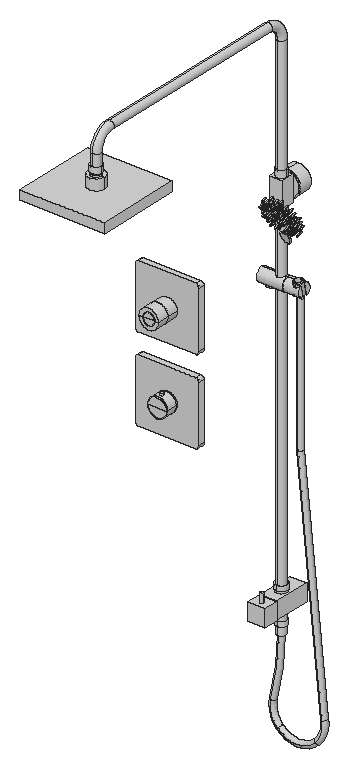
Revit family "Reece_Shower_American Standard_Cygnet_Shower Set_Twin Rail _Square", category Plumbing Fixtures, Revit 2018
Family settings
  Round Connector Dimension = Use Diameter
  Part Type = Normal
  Work Plane-Based = Yes
  Always vertical = Yes
  Cut with Voids When Loaded = Yes
  Shared = Yes
  Room Calculation Point = Yes
Parameters (values of type "Chrome")
  URL = "https://www.reece.com.au/product/-9508981"
  Type Comments = "Shower"
  Reece_Shower_Thermostatic Mixer Offset = 300 mm
  Reece_Shower_Thermostatic Mixer Height [instance] = 1000 mm
  Reece_Shower_Reach = 550 mm  # constant formula
  Reece_Shower_Inlet = 12 mm  # constant formula
  Reece_Shower_Height = 1234 mm  # constant formula
  Reece_Shower_Hand Shower Controller Offset [instance] = 300 mm
  Reece_Shower_Hand Shower Controller Height [instance] = 1200 mm
  Reece_Product_Web Page = "https://www.reece.com.au/product/-9508981"
  Reece_Product_Type = "Shower"  # constant formula
  Reece_Product_Sub Brand = "Cygnet"  # constant formula
  Reece_Product_Number = "9508981"
  Reece_Product_Mount = "Wall Mounted"
  Reece_Product_Description = "American Standard EasySET Thermo Controller Cygnet Square Twin Rail Shower Chrome (3 Star)"
  Reece_Product_Brand = "American Standard"  # constant formula
  Reece_Overall_Width [instance] = 475.5 mm
  Reece_Overall_Projection [instance] = 699 mm
  Reece_Overall_Height [instance] = 1264 mm
  Reece_Material_Secondary = Reece_Plastic_ABS
  Reece_Material_Main = Reece_Brass_Chrome
  Reece_Material_Colour = Reece_Plastic_White
  Reece_Height_From_Level [instance] = 1800 mm
  Reece_Detail_Shape = "Square"  # constant formula
  Reece_Detail_Disclaimer = "THIS FILE IS THE PROPERTY OF THE REECE GROUP. IT MAY NOT BE REPRODUCED, REVERSE-ENGINEERED OR MODIFIED. ANY REPUBLICATION, TRANSMISSION OR DISTRIBUTION FOR THE PURPOSE OF COMMERCIALLY EXPLOITING THE FILES IS PROHIBITED."  # constant formula
  Reece_Detail_Additional = "Twin Rail Shower"  # constant formula
  Model = "Cygnet"
  Manufacturer = "American Standard"
  Keynote = "Product #9508981, Reece_Shower_American Standard_Cygnet_Shower Set_Twin Rail _Square - Chrome"
  Disclaimer = "THIS FILE IS THE PROPERTY OF THE REECE GROUP. IT MAY NOT BE REPRODUCED, REVERSE-ENGINEERED OR MODIFIED. ANY REPUBLICATION, TRANSMISSION OR DISTRIBUTION FOR THE PURPOSE OF COMMERCIALLY EXPLOITING THE FILES IS PROHIBITED."  # constant formula
  Description = "American Standard EasySET Thermo Controller Cygnet Square Twin Rail Shower Chrome (3 Star)"
  Default Elevation = 0 mm
Reference planes
  plane 1 "Center (Front/Back)": y = 0
  plane 2: z = 1578
  plane 3 "Center (Left/Right)": x = 0
  plane 4 "Bottom Of Invisible Line": z = -5
  plane 5: y = -50
  plane 6: z = 1935
  plane 7 "Hand Shower Height": z = 1378
  plane 8 "Height_From_Level": z = 1800
  plane 9 "Hand Shower CL": x = 45
  plane 10: z = 701
  plane 11 "Shower Head CL": y = -600
  plane 12: z = 1945
  plane 13: z = 681
  plane 14: z = 741
  plane 15: z = 1358
  plane 16: x = 100
  plane 17 "Thermostatic Mixer CL": x = -300
  plane 18 "Hand Shower Controller CL": x = -300
  plane 19: x = -375.5
  plane 20 "Hand Shower Controller Height": z = 1200
  plane 21 "Thermostatic Mixer Height": z = 1000
  plane 22: y = -699
  plane 23: z = 1604
  plane 24: z = 1544
Forms (mm)
  Revolve 1, solid, material "Reece_Brass_Chrome" <- "Reece_Material_Main"
    sketch origin (0, -30, -571) x (0, 1, 0) y (0, 0, 1)
      loop
        line (-20, 1230) -> (-20, 1200) -> (-10, 1200) -> (-10, 1220) -> (-8, 1220) -> (-8, 1230) -> (-20, 1230)
      axis (-20, 1230) -> (-20, 1200)
    angle from 0 to 360
  Revolve 2, solid, material "Reece_Brass_Chrome" <- "Reece_Material_Main"
    sketch origin (45, -1526.193, 1721.068) x (0, 0, -1) y (0, -1, 0)
      loop
        line (327.189, -1462.611) -> (335.067, -1464.001) -> (333.591, -1472.371) -> (353.287, -1475.844) -> (354.503, -1468.951) -> (356.477, -1469.299) -> (356.651, -1468.314)
        arc (356.651, -1468.314) -> (356.559, -1467.877) -> (356.191, -1467.624) r 0.6
        line (356.191, -1467.624) -> (328.04, -1461.337)
        arc (328.04, -1461.337) -> (327.581, -1461.428) -> (327.328, -1461.821) r 0.598
        line (327.328, -1461.821) -> (327.189, -1462.611)
      axis (355.261, -1476.193) -> (325.713, -1470.982)
    angle from 0 to 360
  Extrusion 3, void
    sketch origin (44.63, -57.001, 1386.917) x (0, -0.984808, -0.173648) y (-1, 0, 0)
      loop
        circle (-3.501, -0.37) r 12
    from -8 to 27
  Revolve 4, solid, material "Reece_Brass_Chrome" <- "Reece_Material_Main"
    sketch origin (-201.6, -51, -65) x (1, 0, 0) y (0, 0, 1)
      loop
        line (217.621, 1459) -> (156.621, 1459) -> (156.621, 1443) -> (256.621, 1443) -> (256.621, 1459) -> (218.621, 1459) -> (218.621, 1458) -> (217.621, 1458) -> (217.621, 1459)
      axis (256.621, 1443) -> (156.621, 1443)
    angle from 0 to 360
  Revolve 5, solid, material "Reece_Brass_Chrome" <- "Reece_Material_Main"
    sketch origin (0, 0, 0) x (0, 1, 0) y (0, 0, 1)
      loop
        line (0, 1608) -> (-32, 1608)
        arc (-32, 1608) -> (-32.707, 1607.707) -> (-33, 1607) r 1
        line (-33, 1607) -> (-33, 1592) -> (-50, 1592) -> (-50, 1578) -> (0, 1578) -> (0, 1608)
      axis (0, 1578) -> (-50, 1578)
    angle from 0 to 360
  Sweep 6, solid, material "Reece_Brass_Chrome" <- "Reece_Material_Main"
    path origin (0, 0, 0) x (0, 1, 0) y (0, 0, 1)
      loop
        line (-50, 659) -> (-50, 1895)
        arc (-50, 1895) -> (-61.716, 1923.284) -> (-90, 1935) r 40
        line (-90, 1935) -> (-560, 1935)
        arc (-560, 1935) -> (-588.284, 1923.284) -> (-600, 1895) r 40
        line (-600, 1895) -> (-600, 1868)
    profile origin (0, -50, 1277) x (0, -1, 0) y (1, 0, 0)
      loop
        circle (0, 0) r 10
  Extrusion 7, solid, material "Reece_Brass_Chrome" <- "Reece_Material_Main"
    sketch origin (0, 0, 0) x (1, 0, 0) y (0, 1, 0)
      loop
        spline (-19.979, -50) -> (-20.234, -48.706) -> (-20.984, -47.5) -> (-22.175, -46.464) -> (-23.729, -45.67) -> (-25.538, -45.17) -> (-27.479, -45) -> (-29.42, -45.17) -> (-31.229, -45.67) -> (-32.782, -46.464) -> (-33.974, -47.5) -> (-34.723, -48.706) -> (-34.979, -50)
        spline (-34.979, -50) -> (-34.723, -51.294) -> (-33.974, -52.5) -> (-32.782, -53.536) -> (-31.229, -54.33) -> (-29.42, -54.83) -> (-27.479, -55) -> (-25.538, -54.83) -> (-23.729, -54.33) -> (-22.175, -53.536) -> (-20.984, -52.5) -> (-20.234, -51.294) -> (-19.979, -50)
    from 1358 to 1378
  Revolve 8, solid, material "Reece_Brass_Chrome" <- "Reece_Material_Main"
    sketch origin (0, -30, -493.801) x (0, 1, 0) y (0, 0, 1)
      loop
        line (-20, 1230) -> (-20, 1194.801) -> (-7, 1194.801) -> (-7, 1220) -> (-6, 1220) -> (-6, 1230) -> (-20, 1230)
      axis (-20, 1230) -> (-20, 1194.801)
    angle from 0 to 360
  Extrusion 9, solid, material "Reece_Brass_Chrome" <- "Reece_Material_Main"
    sketch origin (25.827, 0, 0) x (1, 0, 0) y (0, 1, 0)
      loop
        circle (-25.827, -107.952) r 4
    from 701 to 741
  Sweep 10, solid, material "Reece_Brass_Chrome" <- "Reece_Material_Main"
    path origin (0, -50, 1445) x (0, 0, 1) y (-1, 0, 0)
      loop
        line (-744, 0) -> (-813.671, 0)
        arc (-813.671, 0) -> (-887.03, 4.658) -> (-959.21, 18.557) r 580
        arc (-959.21, 18.557) -> (-989.251, 18.575) -> (-1015.535, 4.03) r 60
        arc (-1015.535, 4.03) -> (-1034.89, -41.245) -> (-1015.142, -86.349) r 62
        arc (-1015.142, -86.349) -> (-990.707, -100.139) -> (-962.672, -101.311) r 60
        arc (-962.672, -101.311) -> (-687.065, -60.283) -> (-408.841, -45.004) r 3000
        arc (-408.841, -45.004) -> (-408.42, -45.001) -> (-408, -45) r 100
        line (-408, -45) -> (-67, -45)
    profile origin (0, -50, 666.164) x (0, -1, 0) y (1, 0, 0)
      loop
        circle (0, 0) r 7
  Extrusion 11, solid, material "Reece_Brass_Chrome" <- "Reece_Material_Main"
    sketch origin (0, -1, 0) x (1, 0, 0) y (0, 1, 0)
      loop
        line (15, -34) -> (-15, -34) -> (-15, -64) -> (15, -64) -> (15, -34)
    from 1544 to 1604
  Extrusion 12, solid, material "Reece_Brass_Chrome" <- "Reece_Material_Main"
    sketch origin (0, -1, 0) x (1, 0, 0) y (0, 1, 0)
      loop
        circle (0, -49) r 12
      loop
        circle (0, -49) r 10
    from 1604 to 1619
  Extrusion 13, solid, material "Reece_Brass_Chrome" <- "Reece_Material_Main"
    sketch origin (0, -1, 0) x (1, 0, 0) y (0, 1, 0)
      loop
        circle (0, -49) r 12
      loop
        circle (0, -49) r 10
    from 1529 to 1544
  Extrusion 14, solid, material "Reece_Brass_Chrome" <- "Reece_Material_Main"
    sketch origin (0, -51, 0) x (1, 0, 0) y (0, 0, 1)
      loop
        line (20, 681) -> (20, 721) -> (-20, 721) -> (-20, 681) -> (20, 681)
    from -51 to 74
  Extrusion 15, void
    sketch origin (0, -51, 0) x (1, 0, 0) y (0, 0, 1)
      loop
        line (20, 721) -> (-20, 721) -> (-20, 681) -> (20, 681) -> (20, 721)
      loop
        line (19, 720) -> (-19, 720) -> (-19, 682) -> (19, 682) -> (19, 720)
    from 38 to 39
Cuts and joins
  Extrusion 15 cuts Revolve 1
  Extrusion 3, Extrusion 15 cuts Revolve 4
  Extrusion 15 cuts Revolve 5
  Extrusion 15 cuts Sweep 6
  Extrusion 15 cuts Extrusion 7
  Extrusion 15 cuts Revolve 8
  Extrusion 15 cuts Extrusion 9
  Extrusion 15 cuts Sweep 10
  Extrusion 15 cuts Extrusion 11
  Extrusion 15 cuts Extrusion 12
  Extrusion 15 cuts Extrusion 13
  Extrusion 15 cuts Extrusion 14
  joined: Revolve 1, Revolve 4, Revolve 5, Sweep 6, Extrusion 7, Revolve 8, Extrusion 9, Sweep 10, Extrusion 11, Extrusion 12, Extrusion 13, Extrusion 14
  Extrusion 15 cuts Revolve 2
Lines and regions (mm)
  model lines, style "InvisibleLines"
    curve 1: line (0, 0, -5) -> (0, 0, 1578)
Text (mm)
  text "Reece ©" at (2739.743, -2522.492, 2754.578), in view "Reece Preview"
  text "Reece Copyright © 2018, Reece Ltd." at (-289.494, -398.03, 0), in view "Ref. Level"
Dimensions and locks
  locked: level to plane 4 "Bottom Of Invisible Line" at 5
  locked: plane 2 to plane 10 at 877
  plane 1 "Center (Front/Back)" to plane 5 = 50 mm
  "Reece_Height_From_Level": plane 8 "Height_From_Level" to level
  locked: plane 6 to plane 8 "Height_From_Level" at 135
  "Reece_Overall_Height": plane 12 to plane 13
  locked: plane 12 to plane 6 at 10
  "Reece_Shower_Height": plane 6 to plane 10
  locked: plane 2 to plane 7 "Hand Shower Height" at 200
  locked: plane 14 to plane 10 at 40
  locked: plane 7 "Hand Shower Height" to plane 15 at 20
  "Reece_Shower_Hand Shower Controller Height": plane 20 "Hand Shower Controller Height" to level
  "Reece_Shower_Hand Shower Controller Offset": plane 18 "Hand Shower Controller CL" to plane 3 "Center (Left/Right)"
  "Reece_Shower_Thermostatic Mixer Height": plane 21 "Thermostatic Mixer Height" to level
  "Reece_Shower_Thermostatic Mixer Offset": plane 17 "Thermostatic Mixer CL" to plane 3 "Center (Left/Right)"
  "Reece_Overall_Width": plane 19 to plane 16
  "Reece_Overall_Projection": plane 22 to plane 1 "Center (Front/Back)"
  "Reece_Shower_Reach": plane 5 to plane 11 "Shower Head CL"
  locked: plane 2 to plane 23 at 26
  locked: plane 24 to plane 2 at 34
  locked: cut or joined group 1 (Revolve 1, Extrusion 3, Revolve 4, Revolve 5, Sweep 6, Extrusion 7, Revolve 8, Extrusion 9, Sweep 10, Extrusion 11, Extrusion 12, Extrusion 13, Extrusion 14, Extrusion 15) to plane 23 at 15
  locked: cut or joined group 1 to plane 24 at 15
  aligned and locked: plane 1 "Center (Front/Back)" to curve 1
  aligned and locked: plane 2 to curve 1
  aligned and locked: plane 7 "Hand Shower Height" to Revolve 4 sketch curve
  aligned and locked: Revolve 5 sketch curve to plane 2
  aligned and locked: plane 3 "Center (Left/Right)" to curve 1
  aligned and locked: plane 10 to Sweep 10 sketch curve
  aligned and locked: plane 7 "Hand Shower Height" to Sweep 10 sketch curve
  aligned and locked: nested 2 to plane 11 "Shower Head CL"
  aligned and locked: cut or joined group 1 to plane 14
  aligned and locked: plane 7 "Hand Shower Height" to cut or joined group 1
  aligned and locked: cut or joined group 1 to plane 10
  aligned and locked: plane 15 to cut or joined group 1
  aligned and locked: nested 1 to plane 9 "Hand Shower CL"
  aligned and locked: plane 17 "Thermostatic Mixer CL" to nested 3
  aligned and locked: plane 18 "Hand Shower Controller CL" to nested 4
  aligned and locked: nested 4 to plane 20 "Hand Shower Controller Height"
  aligned and locked: nested 3 to plane 21 "Thermostatic Mixer Height"
  aligned and locked: cut or joined group 1 to plane 23
  aligned and locked: plane 23 to cut or joined group 1
  aligned and locked: cut or joined group 1 to plane 24
  aligned and locked: plane 24 to cut or joined group 1
Automatic sketch dimensions
  plane 5 to Extrusion 7 sketch curve = 0 mm
  Extrusion 7 sketch curve to plane 3 "Center (Left/Right)" = 27.479 mm
  Extrusion 7 sketch curve to Extrusion 7 sketch curve = 7.5 mm
  Extrusion 9 sketch curve to plane 3 "Center (Left/Right)" = 0 mm
  plane 5 to Extrusion 9 sketch curve = 57.952 mm
  plane 3 "Center (Left/Right)" to Extrusion 11 sketch curve = 15 mm
  Extrusion 11 sketch curve to plane 3 "Center (Left/Right)" = 15 mm
  plane 5 to Extrusion 11 sketch curve = 15 mm
  Extrusion 11 sketch curve to plane 5 = 15 mm
  Extrusion 12 sketch curve to Extrusion 12 sketch curve = 0 mm  (x2)
  Extrusion 12 sketch curve to plane 3 "Center (Left/Right)" = 0 mm
  plane 5 to Extrusion 12 sketch curve = 0 mm
  Extrusion 13 sketch curve to Extrusion 13 sketch curve = 0 mm  (x2)
  Extrusion 13 sketch curve to plane 3 "Center (Left/Right)" = 0 mm
  plane 5 to Extrusion 13 sketch curve = 0 mm
  Revolve 1 sketch curve to plane 5 = 0 mm  (x2)
  Revolve 1 sketch curve to plane 5 = 10 mm
  Revolve 1 sketch curve to Revolve 1 sketch curve = 2 mm
  Revolve 1 sketch curve to plane 13 = 52 mm
  Revolve 1 sketch curve to Revolve 1 sketch curve = 20 mm
  Revolve 1 sketch curve to Revolve 1 sketch curve = 10 mm
  Revolve 1 sketch curve to Revolve 1 sketch curve = 4.38 mm
  Sweep 6 sketch curve to plane 11 "Shower Head CL" = 0 mm
  Sweep 6 sketch curve to plane 6 = 0 mm
  Sweep 6 sketch curve to plane 5 = 0 mm
  Sweep 6 sketch curve to plane 11 "Shower Head CL" = 40 mm
  plane 5 to Sweep 6 sketch curve = 40 mm
  Sweep 6 sketch curve to Sweep 6 sketch curve = 27 mm
  Sweep 6 sketch curve to plane 13 = 22 mm
  Sweep 6 sketch curve to plane 3 "Center (Left/Right)" = 0 mm
  Sweep 6 sketch curve to profile plane = 0 mm
  Sweep 10 sketch curve to plane 3 "Center (Left/Right)" = 0 mm
  plane 9 "Hand Shower CL" to Sweep 10 sketch curve = 0 mm
  Sweep 10 sketch curve to plane 13 = 49.671 mm
  plane 9 "Hand Shower CL" to Sweep 10 sketch curve = 4.025 mm
  Sweep 10 sketch curve to Sweep 10 sketch curve = 159.219 mm
  Sweep 10 sketch curve to Sweep 10 sketch curve = 1.363 mm
  Sweep 10 sketch curve to Sweep 10 sketch curve = 1.376 mm
  Sweep 10 sketch curve to plane 9 "Hand Shower CL" = 100 mm
  Sweep 10 sketch curve to Sweep 10 sketch curve = 2899.898 mm
  Sweep 10 sketch curve to Sweep 10 sketch curve = 1.464 mm
  Sweep 10 sketch curve to Sweep 10 sketch curve = 1.452 mm
  Sweep 10 sketch curve to Sweep 10 sketch curve = 0 mm  (x3)
  Sweep 10 sketch curve to plane 9 "Hand Shower CL" = 56.311 mm
  plane 5 to Sweep 10 sketch curve = 0 mm
  Sweep 10 sketch curve to profile plane = 0 mm
  curve 1 to plane 4 "Bottom Of Invisible Line" = 0 mm
  curve 1 to plane 2 = 0 mm
  plane 7 "Hand Shower Height" to Revolve 2 sketch curve = 15.88 mm
  plane 5 to Revolve 2 sketch curve = 14.372 mm
  Revolve 2 sketch curve to Revolve 2 sketch curve = 0.139 mm
  Revolve 2 sketch curve to Revolve 2 sketch curve = 0.589 mm
  Revolve 2 sketch curve to Revolve 2 sketch curve = 0.122 mm
  plane 5 to Revolve 2 sketch curve = 3.821 mm
  plane 7 "Hand Shower Height" to Revolve 2 sketch curve = 9.477 mm
  plane 5 to Revolve 2 sketch curve = 12.192 mm
  plane 5 to Revolve 2 sketch curve = 0.348 mm
  plane 5 to Revolve 2 sketch curve = 7.242 mm
  Revolve 2 sketch curve to Revolve 2 sketch curve = 1.557 mm
  Revolve 2 sketch curve to Revolve 2 sketch curve = 0.131 mm
  Revolve 2 sketch curve to Revolve 2 sketch curve = 0.417 mm
  Revolve 2 sketch curve to Revolve 2 sketch curve = 0.591 mm
  Revolve 2 sketch curve to Revolve 2 sketch curve = 0.104 mm
  Revolve 2 sketch curve to Revolve 2 sketch curve = 0.102 mm
  plane 5 to Revolve 2 sketch curve = 6.252 mm
  Revolve 2 sketch curve to Revolve 2 sketch curve = 7.385 mm
  Revolve 2 sketch curve to plane 5 = 2.972 mm
  plane 15 to Revolve 2 sketch curve = 9.046 mm
  Extrusion 3 sketch curve to nested 1 = 0 mm
  Revolve 4 sketch curve to plane 7 "Hand Shower Height" = 0 mm
  plane 7 "Hand Shower Height" to Revolve 4 sketch curve = 16 mm
  Revolve 4 sketch curve to plane 3 "Center (Left/Right)" = 44.979 mm
  plane 3 "Center (Left/Right)" to Revolve 4 sketch curve = 16.021 mm
  Revolve 4 sketch curve to Revolve 4 sketch curve = 1 mm  (x2)
  Revolve 4 sketch curve to plane 9 "Hand Shower CL" = 10.021 mm
  Revolve 4 sketch curve to Revolve 4 sketch curve = 0 mm
  Revolve 4 sketch curve to Revolve 4 sketch curve = 25 mm
  Revolve 4 sketch curve to Revolve 4 sketch curve = 15 mm
  Revolve 5 sketch curve to plane 5 = 0 mm
  Revolve 5 sketch curve to plane 1 "Center (Front/Back)" = 0 mm
  Revolve 5 sketch curve to plane 2 = 0 mm
  Revolve 5 sketch curve to Revolve 5 sketch curve = 17 mm
  Revolve 5 sketch curve to Revolve 5 sketch curve = 1 mm
  Revolve 5 sketch curve to Revolve 5 sketch curve = 14 mm
  Revolve 5 sketch curve to Revolve 5 sketch curve = 15 mm
  plane 5 to Revolve 5 sketch curve = 5 mm
  Revolve 5 sketch curve to Revolve 5 sketch curve = 20 mm
  Revolve 8 sketch curve to plane 5 = 0 mm  (x2)
  Revolve 8 sketch curve to plane 10 = 0 mm
  Revolve 8 sketch curve to plane 5 = 13 mm
  plane 14 to Revolve 8 sketch curve = 4.801 mm
  Revolve 8 sketch curve to Revolve 8 sketch curve = 1 mm
  Revolve 8 sketch curve to Revolve 8 sketch curve = 10 mm
  plane 10 to Revolve 8 sketch curve = 9.579 mm
  Extrusion 14 sketch curve to plane 13 = 0 mm
  Extrusion 14 sketch curve to plane 3 "Center (Left/Right)" = 20 mm
  plane 3 "Center (Left/Right)" to Extrusion 14 sketch curve = 20 mm
  plane 10 to Extrusion 14 sketch curve = 20 mm
  Extrusion 15 sketch curve to plane 13 = 0 mm
  Extrusion 15 sketch curve to plane 3 "Center (Left/Right)" = 20 mm
  Extrusion 15 sketch curve to Extrusion 15 sketch curve = 1 mm  (x3)
  plane 3 "Center (Left/Right)" to Extrusion 15 sketch curve = 19 mm
  plane 13 to Extrusion 15 sketch curve = 1 mm
  plane 10 to Extrusion 15 sketch curve = 19 mm
  plane 15 to Revolve 8 sketch curve = 89.504 mm
  Revolve 1 sketch curve to plane 14 = 226.297 mm
  Sweep 10 sketch curve to plane 14 = 296 mm
  Sweep 10 sketch curve to plane 7 "Hand Shower Height" = 316.625 mm
  Sweep 10 sketch curve to Sweep 10 sketch curve = 580 mm
  radius of Extrusion 9 sketch curve = 4 mm
  radius of Extrusion 12 sketch curve = 12 mm
  radius of Extrusion 12 sketch curve = 10 mm
  radius of Extrusion 13 sketch curve = 12 mm
  radius of Extrusion 13 sketch curve = 10 mm
  radius of Sweep 6 sketch curve = 10 mm
  radius of Sweep 10 sketch curve = 7 mm
  radius of Extrusion 3 sketch curve = 12 mm
Nested families
  nested 1: "Reece_Shower_American Standard_Cygnet_Shower Handpiece_Square_Nested" at (45, -53.821, 1387.477) x (1, 0, 0) z (0, -0.1736, 0.9848), Reece_Material_Main <- "Reece_Material_Main", Reece_Material_Secondary <- "Reece_Material_Secondary", Reece_Material_Colour <- "Reece_Material_Colour", type "Chrome"
    with Reece_Material_Secondary Reece_Plastic_ABS, Reece_Material_Main Reece_Brass_Chrome, Reece_Material_Colour Reece_Plastic_White
  nested 2: "Reece_Shower_American Standard_Cygnet_Shower Rose_Square_Nested" at (0, -600, 1868) x (1, 0, 0) z (0, 0, -1), Reece_Material_Main <- "Reece_Material_Main", Reece_Material_Secondary <- "Reece_Material_Secondary", type "Chrome"
    with Reece_Material_Secondary Reece_Plastic_ABS, Reece_Material_Main Reece_Brass_Chrome
  nested 3: "Reece_Shower_American Standard_EasySet_Thermostatic Mixer_Nested" at (-300, 0, 1000) x (-1, 0, 0) z (0, -1, 0), Reece_Material_Main <- "Reece_Material_Main", type "Chrome"
    with Reece_Material_Main Reece_Brass_Chrome
  nested 4: "Reece_Shower_American Standard_EasySET_Hand Shower Controller_Nested" at (-300, 0, 1200) x (-1, 0, 0) z (0, -1, 0), Reece_Material_Main <- "Reece_Material_Main", type "Chrome"
    with Reece_Material_Main Reece_Brass_Chrome
Connectors
  piping at (0, 0, 1578), diameter 12, driven by "Reece_Shower_Inlet"
    settings: on cut or joined group 1, index 1, connector inside diameter 609.6 mm, connector length 0 mm, flow factor 0, pipe flow 0.0 L/s, pressure drop 0.0 Pa, fitting loss kfactor 0, connector angle 0.00°, fixture units 0, engagement length 0 mm, angle of deflection 0.00°, flow configuration 0, flow direction 1, fitting loss method 0, system type 29, joint type 0, gender type 0, connector reference index -1, connector utility 0, adjustable connector no, is connector primary yes, connector description ""
  piping at (-300, 0, 1200), diameter 12, driven by "Reece_Shower_Inlet"
    settings: on nested 4, index 2, connector inside diameter 609.6 mm, connector length 0 mm, flow factor 0, pipe flow 0.0 L/s, pressure drop 0.0 Pa, fitting loss kfactor 0, connector angle 0.00°, fixture units 0, engagement length 0 mm, angle of deflection 0.00°, flow configuration 0, flow direction 1, fitting loss method 0, system type 29, joint type 0, gender type 0, connector reference index -1, connector utility 0, adjustable connector no, is connector primary no, connector description ""
  piping at (-300, 0, 1000), diameter 12, driven by "Reece_Shower_Inlet"
    settings: on nested 3, index 3, connector inside diameter 609.6 mm, connector length 0 mm, flow factor 0, pipe flow 0.0 L/s, pressure drop 0.0 Pa, fitting loss kfactor 0, connector angle 0.00°, fixture units 0, engagement length 0 mm, angle of deflection 0.00°, flow configuration 0, flow direction 1, fitting loss method 0, system type 29, joint type 0, gender type 0, connector reference index -1, connector utility 0, adjustable connector no, is connector primary no, connector description ""
Definition of nested family "Reece_Shower_American Standard_Cygnet_Shower Handpiece_Square_Nested"
  Parameters (values of type "Chrome")
    Waste Connection = no
    WFU = 0
    Vent Connection = no
    URL = ""
    Type Comments = ""
    Reece_Material_Secondary [instance] = none
    Reece_Material_Main [instance] = none
    Reece_Material_Colour [instance] = none
    Model = ""
    Manufacturer = ""
    Keynote = ""
    HWFU = 0
    HW Connection = no
    Description = ""
    Default Elevation = 0 mm
    Cost = 0
    CWFU = 0
    CW Connection = no
    Assembly Code = ""
  Reference planes
    plane 1 "Center (Front/Back)": y = 0
    plane 2: z = 0
    plane 3 "Center (Left/Right)": x = 0
    plane 4: z = 230
    plane 5: x = 53.5
    plane 6: x = -53.5
    plane 7: z = 10.037
    plane 8: through (0, 4.579, 169.807) normal (0, 0.9744, 0.225)
    plane 9: through (0, -29.074, 162.04) normal (0, 0.9781, 0.208)
  Forms (mm)
    Extrusion 1, solid
      sketch origin (619.2, 20, 0) x (1, 0, 0) y (0, 1, 0)
        loop
          line (-843.153, 203.827) -> (-843.153, -206.911) -> (-435.255, -206.911) -> (-435.255, 203.827) -> (-843.153, 203.827)
      from 0 to -35.776
    Revolve 2, solid, material <- "Reece_Material_Main"
      sketch origin (0, 0, 0) x (0, 1, 0) y (0, 0, 1)
        loop
          line (-8.5, 10) -> (-8.5, 0) -> (-7.5, 0) -> (-7.5, 10) -> (-8.5, 10)
        axis (0, 0) -> (0, 10)
      angle from 0 to 360
    Extrusion 3, solid, material <- "Reece_Material_Main"
      sketch origin (82.334, -21.526, -6.475) x (1, 0, 0) y (0, -0.223406, 0.974726)
        loop
          arc (-88.259, 137.26) -> (-91.803, 135.527) -> (-93.251, 131.858) r 5.454
          arc (-93.251, 131.858) -> (-92.16, 122.342) -> (-88.837, 113.358) r 40
          arc (-88.837, 113.358) -> (-87.732, 112.167) -> (-86.168, 111.728) r 3
          line (-86.168, 111.728) -> (-78.499, 111.728)
          arc (-78.499, 111.728) -> (-76.935, 112.167) -> (-75.83, 113.358) r 3
          arc (-75.83, 113.358) -> (-72.507, 122.342) -> (-71.416, 131.858) r 40
          arc (-71.416, 131.858) -> (-72.864, 135.527) -> (-76.408, 137.26) r 5.454
          arc (-76.408, 137.26) -> (-82.334, 137.511) -> (-88.259, 137.26) r 70
      from -33.28 to -31.114
    Extrusion 4, solid, material <- "Reece_Material_Colour", detail levels fine
      sketch origin (477.193, 7.358, 67.873) x (1, 0, 0) y (0, -0.223406, 0.974726)
        loop
          circle (-477.172, 99.644) r 1.425
        loop
          circle (-467.686, 106.536) r 1.425
        loop
          circle (-471.309, 117.689) r 1.425
        loop
          circle (-483.036, 117.689) r 1.425
        loop
          circle (-486.659, 106.536) r 1.425
        loop
          circle (-487.249, 119.695) r 1.425
        loop
          circle (-483.642, 122.315) r 1.425
        loop
          circle (-470.703, 122.315) r 1.425
        loop
          circle (-467.096, 119.695) r 1.425
        loop
          circle (-489.869, 103.149) r 1.425
        loop
          circle (-491.247, 107.389) r 1.425
        loop
          circle (-474.943, 95.544) r 1.425
        loop
          circle (-479.402, 95.544) r 1.425
        loop
          circle (-464.476, 103.149) r 1.425
        loop
          circle (-463.098, 107.389) r 1.425
        loop
          circle (-484.057, 135.312) r 1.425
        loop
          circle (-495.982, 128.428) r 1.425
        loop
          circle (-503.325, 116.626) r 1.425
        loop
          circle (-503.325, 102.611) r 1.425
        loop
          circle (-496.317, 90.474) r 1.425
        loop
          circle (-484.18, 83.466) r 1.425
        loop
          circle (-470.288, 135.312) r 1.425
        loop
          circle (-458.363, 128.428) r 1.425
        loop
          circle (-451.02, 116.626) r 1.425
        loop
          circle (-451.02, 102.611) r 1.425
        loop
          circle (-458.028, 90.474) r 1.425
        loop
          circle (-470.165, 83.466) r 1.425
        loop
          circle (-511.847, 109.619) r 1.425
        loop
          circle (-485.655, 141.277) r 1.425
        loop
          circle (-477.172, 142.869) r 1.425
        loop
          circle (-493.797, 138.414) r 1.425
        loop
          circle (-500.348, 132.794) r 1.425
        loop
          circle (-505.968, 126.244) r 1.425
        loop
          circle (-509.29, 118.224) r 1.425
        loop
          circle (-509.29, 101.013) r 1.425
        loop
          circle (-505.968, 92.994) r 1.425
        loop
          circle (-500.684, 86.107) r 1.425
        loop
          circle (-493.797, 80.823) r 1.425
        loop
          circle (-468.69, 141.277) r 1.425
        loop
          circle (-460.547, 138.414) r 1.425
        loop
          circle (-453.997, 132.794) r 1.425
        loop
          circle (-448.377, 126.244) r 1.425
        loop
          circle (-445.055, 118.224) r 1.425
        loop
          circle (-443.922, 109.619) r 1.425
        loop
          circle (-445.055, 101.013) r 1.425
        loop
          circle (-448.377, 92.994) r 1.425
        loop
          circle (-453.661, 86.107) r 1.425
        loop
          circle (-460.547, 80.823) r 1.425
        loop
          circle (-504.714, 137.16) r 1.425
        loop
          circle (-449.631, 137.16) r 1.425
        loop
          circle (-449.295, 81.741) r 1.425
        loop
          circle (-505.05, 81.741) r 1.425
      from 0 to 20
    Extrusion 5, solid, material <- "Reece_Material_Colour", detail levels fine
      sketch origin (477.193, 7.358, 67.873) x (1, 0, 0) y (0, -0.223406, 0.974726)
        loop
          circle (-477.193, 151.045) r 1.5
        loop
          circle (-487.804, 149.148) r 1.5
        loop
          circle (-517.279, 120.286) r 1.5
        loop
          circle (-517.279, 98.804) r 1.5
        loop
          circle (-435.693, 109.545) r 1.5
        loop
          circle (-466.581, 149.148) r 1.5
        loop
          circle (-437.107, 120.286) r 1.5
        loop
          circle (-437.107, 98.804) r 1.5
        loop
          circle (-518.693, 109.545) r 1.5
      from 0 to 15
    Extrusion 6, solid, material <- "Reece_Material_Colour", detail levels fine
      sketch origin (477.193, 7.358, 67.873) x (1, 0, 0) y (0, -0.223406, 0.974726)
        loop
          circle (-488.984, 153.712) r 1.425
        loop
          circle (-509.426, 141.91) r 1.425
        loop
          circle (-521.687, 121.591) r 1.425
        loop
          circle (-521.687, 97.741) r 1.425
        loop
          circle (-509.762, 77.086) r 1.425
        loop
          circle (-465.38, 153.712) r 1.425
        loop
          circle (-444.938, 141.91) r 1.425
        loop
          circle (-432.677, 121.591) r 1.425
        loop
          circle (-432.677, 97.741) r 1.425
        loop
          circle (-444.602, 77.086) r 1.425
      from 0 to 16.643
    Extrusion 7, solid, material <- "Reece_Material_Colour", detail levels fine
      sketch origin (477.193, 7.358, 67.873) x (1, 0, 0) y (0, -0.223406, 0.974726)
        loop
          circle (-496.951, 143.79) r 1.425
        loop
          circle (-511.382, 129.36) r 1.425
        loop
          circle (-511.382, 89.935) r 1.425
        loop
          circle (-496.951, 75.504) r 1.425
        loop
          circle (-457.526, 143.79) r 1.425
        loop
          circle (-443.096, 129.36) r 1.425
        loop
          circle (-443.096, 89.935) r 1.425
        loop
          circle (-457.526, 75.504) r 1.425
      from 0 to 20
    Revolve 8, void
      sketch origin (0, -10.742, 3.802) x (0, 0.999391, -0.034899) y (0, 0.034899, 0.999391)
        loop
          line (-50.514, 160.582) -> (-27.862, 165.774)
          arc (-27.862, 165.774) -> (-31.772, 190.029) -> (-32.403, 214.588) r 183.337
          line (-32.403, 214.588) -> (-61.37, 207.949) -> (-50.514, 160.582)
        axis (-21.547, 167.222) -> (-50.514, 160.582)
      angle from 0 to 360
  Cuts and joins
    Revolve 8 cuts Extrusion 4
    Revolve 8 cuts Extrusion 5
    Revolve 8 cuts Extrusion 6
    Revolve 8 cuts Extrusion 7
    joined: Extrusion 4, Extrusion 5, Extrusion 6, Extrusion 7
  Lines and regions (mm)
    symbolic lines
      curve 1: arc (0, -21.737, 134.294) -> (0, -32.351, 179.74) -> (0, -34.643, 226.352) r 259.162
      curve 2: arc (0, 4.614, 170.181) -> (0, -5.602, 200.805) -> (0, -19.067, 230.147) r 298.302
  Text (mm)
    text "Reece Copyright © 2018, Reece Ltd." at (-684.407, -223.434, 0), in view "Ref. Level"
    text "Reece ©" at (290.323, 26.521, 334.836), in view "Reece_Preview"
  Dimensions and locks
    equal spacing: plane 5, plane 3 "Center (Left/Right)", plane 6
    plane 5 to plane 6 = 107 mm
    aligned and locked: plane 2 to Extrusion 1
    aligned and locked: level to Extrusion 1
  Automatic sketch dimensions
    Extrusion 1 sketch curve to Extrusion 1 sketch curve = 407.898 mm
    Extrusion 1 sketch curve to Extrusion 1 sketch curve = 410.737 mm
    Revolve 2 sketch curve to plane 1 "Center (Front/Back)" = 0 mm
    plane 1 "Center (Front/Back)" to Revolve 2 sketch curve = 7.5 mm
    Revolve 2 sketch curve to Revolve 2 sketch curve = 1 mm
    Revolve 2 sketch curve to level = 0 mm  (x2)
    level to Revolve 2 sketch curve = 10 mm
    Revolve 2 sketch curve to Revolve 2 sketch curve = 6 mm
    Extrusion 3 sketch curve to plane 3 "Center (Left/Right)" = 0 mm
    Extrusion 3 sketch curve to plane 3 "Center (Left/Right)" = 3.835 mm
    Extrusion 3 sketch curve to plane 3 "Center (Left/Right)" = 5.464 mm
    Extrusion 3 sketch curve to Extrusion 3 sketch curve = 23.618 mm
    plane 3 "Center (Left/Right)" to Extrusion 3 sketch curve = 3.835 mm
    plane 3 "Center (Left/Right)" to Extrusion 3 sketch curve = 5.464 mm
    Extrusion 3 sketch curve to Extrusion 3 sketch curve = 3 mm  (x2)
    Extrusion 3 sketch curve to Extrusion 3 sketch curve = 16.897 mm
    Extrusion 3 sketch curve to Extrusion 3 sketch curve = 18.267 mm
    Extrusion 3 sketch curve to Extrusion 3 sketch curve = 17.098 mm
    Extrusion 3 sketch curve to Extrusion 3 sketch curve = 0 mm  (x6)
    Extrusion 3 sketch curve to Extrusion 3 sketch curve = 0.462 mm
    Extrusion 3 sketch curve to Extrusion 3 sketch curve = 2.669 mm
    Extrusion 5 sketch curve to plane 3 "Center (Left/Right)" = 0 mm
    Extrusion 5 sketch curve to plane 3 "Center (Left/Right)" = 10.612 mm
    plane 6 to Extrusion 5 sketch curve = 13.414 mm  (x2)
    Extrusion 5 sketch curve to Extrusion 5 sketch curve = 1.414 mm  (x2)
    plane 3 "Center (Left/Right)" to Extrusion 5 sketch curve = 10.612 mm
    plane 5 to Extrusion 5 sketch curve = 13.414 mm  (x2)
    Extrusion 5 sketch curve to Extrusion 5 sketch curve = 0 mm  (x2)
    Extrusion 5 sketch curve to Extrusion 5 sketch curve = 10.741 mm  (x4)
    Extrusion 5 sketch curve to Extrusion 5 sketch curve = 28.862 mm
    Extrusion 5 sketch curve to Extrusion 5 sketch curve = 1.897 mm
    plane 6 to Extrusion 6 sketch curve = 9.006 mm  (x2)
    plane 6 to Extrusion 6 sketch curve = 20.931 mm
    plane 6 to Extrusion 6 sketch curve = 21.267 mm
    Extrusion 6 sketch curve to plane 3 "Center (Left/Right)" = 11.791 mm
    plane 3 "Center (Left/Right)" to Extrusion 6 sketch curve = 11.813 mm
    plane 5 to Extrusion 6 sketch curve = 21.245 mm
    plane 5 to Extrusion 6 sketch curve = 20.909 mm
    plane 5 to Extrusion 6 sketch curve = 8.984 mm  (x2)
    Extrusion 6 sketch curve to Extrusion 6 sketch curve = 0 mm  (x2)
    Extrusion 6 sketch curve to Extrusion 6 sketch curve = 20.655 mm  (x2)
    Extrusion 6 sketch curve to Extrusion 6 sketch curve = 23.85 mm  (x2)
    Extrusion 6 sketch curve to Extrusion 6 sketch curve = 20.319 mm  (x2)
    Extrusion 6 sketch curve to Extrusion 6 sketch curve = 11.802 mm
    plane 6 to Extrusion 7 sketch curve = 19.311 mm  (x2)
    Extrusion 7 sketch curve to plane 3 "Center (Left/Right)" = 19.758 mm  (x2)
    plane 3 "Center (Left/Right)" to Extrusion 7 sketch curve = 19.667 mm  (x2)
    plane 5 to Extrusion 7 sketch curve = 19.403 mm  (x2)
    Extrusion 7 sketch curve to Extrusion 7 sketch curve = 0 mm
    Extrusion 7 sketch curve to Extrusion 7 sketch curve = 14.431 mm  (x4)
    Extrusion 7 sketch curve to Extrusion 7 sketch curve = 39.425 mm  (x2)
    plane 6 to Extrusion 4 sketch curve = 18.845 mm
    Extrusion 4 sketch curve to Extrusion 4 sketch curve = 2.558 mm  (x2)
    Extrusion 4 sketch curve to Extrusion 4 sketch curve = 3.322 mm  (x2)
    Extrusion 4 sketch curve to Extrusion 4 sketch curve = 0.918 mm  (x3)
    Extrusion 4 sketch curve to Extrusion 4 sketch curve = 1.254 mm
    Extrusion 4 sketch curve to Extrusion 4 sketch curve = 5.965 mm  (x6)
    Extrusion 4 sketch curve to Extrusion 4 sketch curve = 4.366 mm  (x16)
    Extrusion 4 sketch curve to Extrusion 4 sketch curve = 6.886 mm  (x3)
    Extrusion 4 sketch curve to Extrusion 4 sketch curve = 6.55 mm
    Extrusion 4 sketch curve to Extrusion 4 sketch curve = 12.078 mm  (x3)
    Extrusion 4 sketch curve to Extrusion 4 sketch curve = 1.378 mm  (x2)
    Extrusion 4 sketch curve to plane 3 "Center (Left/Right)" = 10.056 mm
    Extrusion 4 sketch curve to Extrusion 4 sketch curve = 4.588 mm
    Extrusion 4 sketch curve to plane 3 "Center (Left/Right)" = 8.462 mm
    Extrusion 4 sketch curve to plane 3 "Center (Left/Right)" = 6.987 mm
    Extrusion 4 sketch curve to Extrusion 4 sketch curve = 1.598 mm  (x6)
    Extrusion 4 sketch curve to Extrusion 4 sketch curve = 3.607 mm  (x2)
    Extrusion 4 sketch curve to Extrusion 4 sketch curve = 4.213 mm
    Extrusion 4 sketch curve to plane 3 "Center (Left/Right)" = 2.209 mm
    plane 3 "Center (Left/Right)" to Extrusion 4 sketch curve = 0.02 mm  (x2)
    plane 3 "Center (Left/Right)" to Extrusion 4 sketch curve = 2.25 mm
    plane 3 "Center (Left/Right)" to Extrusion 4 sketch curve = 5.884 mm
    Extrusion 4 sketch curve to Extrusion 4 sketch curve = 0.606 mm
    plane 3 "Center (Left/Right)" to Extrusion 4 sketch curve = 6.905 mm
    plane 3 "Center (Left/Right)" to Extrusion 4 sketch curve = 7.028 mm
    plane 3 "Center (Left/Right)" to Extrusion 4 sketch curve = 9.507 mm
    Extrusion 4 sketch curve to Extrusion 4 sketch curve = 3.21 mm
    Extrusion 4 sketch curve to Extrusion 4 sketch curve = 9.617 mm
    Extrusion 4 sketch curve to Extrusion 4 sketch curve = 8.142 mm
    Extrusion 4 sketch curve to Extrusion 4 sketch curve = 2.184 mm  (x3)
    Extrusion 4 sketch curve to Extrusion 4 sketch curve = 2.52 mm
    Extrusion 4 sketch curve to Extrusion 4 sketch curve = 7.343 mm
    Extrusion 4 sketch curve to Extrusion 4 sketch curve = 5.62 mm  (x3)
    Extrusion 4 sketch curve to Extrusion 4 sketch curve = 5.284 mm
    Extrusion 4 sketch curve to Extrusion 4 sketch curve = 1.133 mm
    Extrusion 4 sketch curve to Extrusion 4 sketch curve = 0 mm  (x3)
    Extrusion 4 sketch curve to Extrusion 4 sketch curve = 2.643 mm  (x2)
    Extrusion 4 sketch curve to Extrusion 4 sketch curve = 4.1 mm
    Extrusion 4 sketch curve to Extrusion 4 sketch curve = 8.019 mm  (x4)
    Extrusion 4 sketch curve to Extrusion 4 sketch curve = 7.605 mm  (x2)
    Extrusion 4 sketch curve to Extrusion 4 sketch curve = 3.387 mm  (x2)
    Extrusion 4 sketch curve to Extrusion 4 sketch curve = 4.24 mm  (x2)
    Extrusion 4 sketch curve to Extrusion 4 sketch curve = 8.606 mm  (x2)
    Extrusion 4 sketch curve to Extrusion 4 sketch curve = 7.008 mm  (x2)
    Extrusion 4 sketch curve to Extrusion 4 sketch curve = 11.152 mm
    Extrusion 4 sketch curve to Extrusion 4 sketch curve = 2.006 mm  (x2)
    Extrusion 4 sketch curve to Extrusion 4 sketch curve = 2.621 mm  (x2)
    Extrusion 4 sketch curve to Extrusion 4 sketch curve = 12.997 mm  (x2)
    Extrusion 4 sketch curve to Extrusion 4 sketch curve = 1.592 mm
    curve 2 to plane 7 = 81.202 mm
    plane 1 "Center (Front/Back)" to curve 2 = 283.054 mm
    plane 4 to curve 1 = 14.278 mm
    curve 1 to plane 1 "Center (Front/Back)" = 224.301 mm
    plane 4 to curve 1 = 3.648 mm
    plane 1 "Center (Front/Back)" to curve 1 = 34.643 mm
    plane 1 "Center (Front/Back)" to curve 1 = 21.737 mm
    curve 2 to plane 4 = 0.147 mm
    curve 1 to curve 2 = 15.576 mm
    plane 4 to Revolve 8 sketch curve = 16.234 mm
    Revolve 8 sketch curve to plane 9 = 24.204 mm
    Revolve 8 sketch curve to Revolve 8 sketch curve = 10.856 mm
    Revolve 8 sketch curve to Revolve 8 sketch curve = 28.967 mm
    Revolve 8 sketch curve to Revolve 8 sketch curve = 22.652 mm
    Revolve 8 sketch curve to Revolve 8 sketch curve = 0.936 mm
    Revolve 8 sketch curve to Revolve 8 sketch curve = 42.175 mm
    Revolve 8 sketch curve to Revolve 8 sketch curve = 0 mm  (x2)
    Revolve 8 sketch curve to Revolve 8 sketch curve = 15.45 mm
    Revolve 8 sketch curve to Revolve 8 sketch curve = 3.541 mm
    curve 2 to plane 1 "Center (Front/Back)" = 4.614 mm
    radius of Extrusion 5 sketch curve = 1.5 mm  (x9)
    radius of Extrusion 6 sketch curve = 1.425 mm  (x10)
    radius of Extrusion 7 sketch curve = 1.425 mm  (x8)
    radius of Extrusion 4 sketch curve = 1.425 mm  (x52)
Definition of nested family "Reece_Shower_American Standard_Cygnet_Shower Rose_Square_Nested"
  Parameters (values of type "Chrome")
    Waste Connection = no
    WFU = 0
    Vent Connection = no
    URL = ""
    Type Comments = ""
    Reece_Material_Secondary [instance] = none
    Reece_Material_Main [instance] = none
    Reece_Material_Colour = none
    Model = ""
    Manufacturer = ""
    Keynote = ""
    HWFU = 0
    HW Connection = no
    Description = ""
    Default Elevation = 0 mm
    Cost = 0
    CWFU = 0
    CW Connection = no
    Assembly Code = ""
  Reference planes
    plane 1 "Center (Front/Back)": y = 0
    plane 2: z = 0
    plane 3 "Center (Left/Right)": x = 0
    plane 4: x = 100
    plane 5: x = -100
    plane 6: y = 100
    plane 7: y = -100
  Forms (mm)
    Extrusion 1, solid
      sketch origin (619.2, 20, 0) x (1, 0, 0) y (0, 1, 0)
        loop
          line (-819.2, 180) -> (-819.2, -220) -> (-419.2, -220) -> (-419.2, 180) -> (-819.2, 180)
      from 0 to -35.776
    Revolve 2, solid, material <- "Reece_Material_Main"
      sketch origin (0, 0, -225.036) x (1, 0, 0) y (0, 0, 1)
        loop
          line (0, 225.036) -> (0, 270.036) -> (-20, 270.036) -> (-20, 246.036) -> (-11, 246.036) -> (-11, 244.202) -> (-8.5, 243.036) -> (-8.5, 240.036) -> (-11, 240.036) -> (-11, 238.036) -> (-13, 238.036) -> (-13, 225.036) -> (0, 225.036)
        axis (0, 270.036) -> (0, 225.036)
      angle from 0 to 360
    Extrusion 3, solid, material <- "Reece_Material_Colour"
      sketch origin (0, 0, 0) x (1, 0, 0) y (0, 1, 0)
        loop
          line (99, 99) -> (-99, 99) -> (-99, -99) -> (99, -99) -> (99, 99)
      from 67 to 68
    Extrusion 4, solid, material <- "Reece_Material_Main"
      sketch origin (0, 0, 0) x (1, 0, 0) y (0, 1, 0)
        loop
          line (100, 100) -> (-100, 100) -> (-100, -100) -> (100, -100) -> (100, 100)
      from 45 to 68
    Extrusion 5, solid, material <- "Reece_Material_Secondary", detail levels fine
      sketch origin (0, 0, 0) x (1, 0, 0) y (0, 1, 0)
        loop
          line (-5, 5) -> (-5, 9) -> (-9, 9) -> (-9, 5) -> (-5, 5)
        loop
          line (5, 5) -> (9, 5) -> (9, 9) -> (5, 9) -> (5, 5)
        loop
          line (-5, -5) -> (-9, -5) -> (-9, -9) -> (-5, -9) -> (-5, -5)
        loop
          line (5, -5) -> (5, -9) -> (9, -9) -> (9, -5) -> (5, -5)
        loop
          line (19, 5) -> (23, 5) -> (23, 9) -> (19, 9) -> (19, 5)
        loop
          line (19, -5) -> (19, -9) -> (23, -9) -> (23, -5) -> (19, -5)
        loop
          line (33, 5) -> (37, 5) -> (37, 9) -> (33, 9) -> (33, 5)
        loop
          line (33, -5) -> (33, -9) -> (37, -9) -> (37, -5) -> (33, -5)
        loop
          line (47, 5) -> (51, 5) -> (51, 9) -> (47, 9) -> (47, 5)
        loop
          line (47, -5) -> (47, -9) -> (51, -9) -> (51, -5) -> (47, -5)
        loop
          line (61, 5) -> (65, 5) -> (65, 9) -> (61, 9) -> (61, 5)
        loop
          line (61, -5) -> (61, -9) -> (65, -9) -> (65, -5) -> (61, -5)
        loop
          line (75, 5) -> (79, 5) -> (79, 9) -> (75, 9) -> (75, 5)
        loop
          line (75, -5) -> (75, -9) -> (79, -9) -> (79, -5) -> (75, -5)
        loop
          line (-19, 5) -> (-19, 9) -> (-23, 9) -> (-23, 5) -> (-19, 5)
        loop
          line (-19, -5) -> (-23, -5) -> (-23, -9) -> (-19, -9) -> (-19, -5)
        loop
          line (-33, 5) -> (-33, 9) -> (-37, 9) -> (-37, 5) -> (-33, 5)
        loop
          line (-33, -5) -> (-37, -5) -> (-37, -9) -> (-33, -9) -> (-33, -5)
        loop
          line (-47, 5) -> (-47, 9) -> (-51, 9) -> (-51, 5) -> (-47, 5)
        loop
          line (-47, -5) -> (-51, -5) -> (-51, -9) -> (-47, -9) -> (-47, -5)
        loop
          line (-61, 5) -> (-61, 9) -> (-65, 9) -> (-65, 5) -> (-61, 5)
        loop
          line (-61, -5) -> (-65, -5) -> (-65, -9) -> (-61, -9) -> (-61, -5)
        loop
          line (-75, 5) -> (-75, 9) -> (-79, 9) -> (-79, 5) -> (-75, 5)
        loop
          line (-75, -5) -> (-79, -5) -> (-79, -9) -> (-75, -9) -> (-75, -5)
        loop
          line (-5, 19) -> (-5, 23) -> (-9, 23) -> (-9, 19) -> (-5, 19)
        loop
          line (5, 19) -> (9, 19) -> (9, 23) -> (5, 23) -> (5, 19)
        loop
          line (19, 19) -> (23, 19) -> (23, 23) -> (19, 23) -> (19, 19)
        loop
          line (33, 19) -> (37, 19) -> (37, 23) -> (33, 23) -> (33, 19)
        loop
          line (47, 19) -> (51, 19) -> (51, 23) -> (47, 23) -> (47, 19)
        loop
          line (61, 19) -> (65, 19) -> (65, 23) -> (61, 23) -> (61, 19)
        loop
          line (75, 19) -> (79, 19) -> (79, 23) -> (75, 23) -> (75, 19)
        loop
          line (-19, 19) -> (-19, 23) -> (-23, 23) -> (-23, 19) -> (-19, 19)
        loop
          line (-33, 19) -> (-33, 23) -> (-37, 23) -> (-37, 19) -> (-33, 19)
        loop
          line (-47, 19) -> (-47, 23) -> (-51, 23) -> (-51, 19) -> (-47, 19)
        loop
          line (-61, 19) -> (-61, 23) -> (-65, 23) -> (-65, 19) -> (-61, 19)
        loop
          line (-75, 19) -> (-75, 23) -> (-79, 23) -> (-79, 19) -> (-75, 19)
        loop
          line (-5, 33) -> (-5, 37) -> (-9, 37) -> (-9, 33) -> (-5, 33)
        loop
          line (5, 33) -> (9, 33) -> (9, 37) -> (5, 37) -> (5, 33)
        loop
          line (19, 33) -> (23, 33) -> (23, 37) -> (19, 37) -> (19, 33)
        loop
          line (33, 33) -> (37, 33) -> (37, 37) -> (33, 37) -> (33, 33)
        loop
          line (47, 33) -> (51, 33) -> (51, 37) -> (47, 37) -> (47, 33)
        loop
          line (61, 33) -> (65, 33) -> (65, 37) -> (61, 37) -> (61, 33)
        loop
          line (75, 33) -> (79, 33) -> (79, 37) -> (75, 37) -> (75, 33)
        loop
          line (-19, 33) -> (-19, 37) -> (-23, 37) -> (-23, 33) -> (-19, 33)
        loop
          line (-33, 33) -> (-33, 37) -> (-37, 37) -> (-37, 33) -> (-33, 33)
        loop
          line (-47, 33) -> (-47, 37) -> (-51, 37) -> (-51, 33) -> (-47, 33)
        loop
          line (-61, 33) -> (-61, 37) -> (-65, 37) -> (-65, 33) -> (-61, 33)
        loop
          line (-75, 33) -> (-75, 37) -> (-79, 37) -> (-79, 33) -> (-75, 33)
        loop
          line (-5, 47) -> (-5, 51) -> (-9, 51) -> (-9, 47) -> (-5, 47)
        loop
          line (5, 47) -> (9, 47) -> (9, 51) -> (5, 51) -> (5, 47)
        loop
          line (19, 47) -> (23, 47) -> (23, 51) -> (19, 51) -> (19, 47)
        loop
          line (31.225, 47) -> (37, 47) -> (37, 51) -> (31.225, 51) -> (31.225, 47)
        loop
          line (47, 47) -> (51, 47) -> (51, 51) -> (47, 51) -> (47, 47)
        loop
          line (61, 47) -> (65, 47) -> (65, 51) -> (61, 51) -> (61, 47)
        loop
          line (75, 47) -> (79, 47) -> (79, 51) -> (75, 51) -> (75, 47)
        loop
          line (-19, 47) -> (-19, 51) -> (-23, 51) -> (-23, 47) -> (-19, 47)
        loop
          line (-33, 47) -> (-33, 51) -> (-37, 51) -> (-37, 47) -> (-33, 47)
        loop
          line (-47, 47) -> (-47, 51) -> (-51, 51) -> (-51, 47) -> (-47, 47)
        loop
          line (-61, 47) -> (-61, 51) -> (-65, 51) -> (-65, 47) -> (-61, 47)
        loop
          line (-75, 47) -> (-75, 51) -> (-79, 51) -> (-79, 47) -> (-75, 47)
        loop
          line (-5, 61) -> (-5, 65) -> (-9, 65) -> (-9, 61) -> (-5, 61)
        loop
          line (5, 61) -> (9, 61) -> (9, 65) -> (5, 65) -> (5, 61)
        loop
          line (19, 61) -> (23, 61) -> (23, 65) -> (19, 65) -> (19, 61)
        loop
          line (33, 61) -> (37, 61) -> (37, 65) -> (33, 65) -> (33, 61)
        loop
          line (47, 61) -> (51, 61) -> (51, 65) -> (47, 65) -> (47, 61)
        loop
          line (61, 61) -> (65, 61) -> (65, 65) -> (61, 65) -> (61, 61)
        loop
          line (75, 61) -> (79, 61) -> (79, 65) -> (75, 65) -> (75, 61)
        loop
          line (-19, 61) -> (-19, 65) -> (-23, 65) -> (-23, 61) -> (-19, 61)
        loop
          line (-33, 61) -> (-33, 65) -> (-37, 65) -> (-37, 61) -> (-33, 61)
        loop
          line (-47, 61) -> (-47, 65) -> (-51, 65) -> (-51, 61) -> (-47, 61)
        loop
          line (-61, 61) -> (-61, 65) -> (-65, 65) -> (-65, 61) -> (-61, 61)
        loop
          line (-75, 61) -> (-75, 65) -> (-79, 65) -> (-79, 61) -> (-75, 61)
        loop
          line (-5, 75) -> (-5, 79) -> (-9, 79) -> (-9, 75) -> (-5, 75)
        loop
          line (5, 75) -> (9, 75) -> (9, 79) -> (5, 79) -> (5, 75)
        loop
          line (19, 75) -> (23, 75) -> (23, 79) -> (19, 79) -> (19, 75)
        loop
          line (33, 75) -> (37, 75) -> (37, 79) -> (33, 79) -> (33, 75)
        loop
          line (47, 75) -> (51, 75) -> (51, 79) -> (47, 79) -> (47, 75)
        loop
          line (61, 75) -> (65, 75) -> (65, 79) -> (61, 79) -> (61, 75)
        loop
          line (75, 75) -> (79, 75) -> (79, 79) -> (75, 79) -> (75, 75)
        loop
          line (-19, 75) -> (-19, 79) -> (-23, 79) -> (-23, 75) -> (-19, 75)
        loop
          line (-33, 75) -> (-33, 79) -> (-37, 79) -> (-37, 75) -> (-33, 75)
        loop
          line (-47, 75) -> (-47, 79) -> (-51, 79) -> (-51, 75) -> (-47, 75)
        loop
          line (-61, 75) -> (-61, 79) -> (-65, 79) -> (-65, 75) -> (-61, 75)
        loop
          line (-75, 75) -> (-75, 79) -> (-79, 79) -> (-79, 75) -> (-75, 75)
        loop
          line (-5, -19) -> (-9, -19) -> (-9, -23) -> (-5, -23) -> (-5, -19)
        loop
          line (5, -19) -> (5, -23) -> (9, -23) -> (9, -19) -> (5, -19)
        loop
          line (19, -19) -> (19, -23) -> (23, -23) -> (23, -19) -> (19, -19)
        loop
          line (33, -19) -> (33, -23) -> (37, -23) -> (37, -19) -> (33, -19)
        loop
          line (47, -19) -> (47, -23) -> (51, -23) -> (51, -19) -> (47, -19)
        loop
          line (61, -19) -> (61, -23) -> (65, -23) -> (65, -19) -> (61, -19)
        loop
          line (75, -19) -> (75, -23) -> (79, -23) -> (79, -19) -> (75, -19)
        loop
          line (-19, -19) -> (-23, -19) -> (-23, -23) -> (-19, -23) -> (-19, -19)
        loop
          line (-33, -19) -> (-37, -19) -> (-37, -23) -> (-33, -23) -> (-33, -19)
        loop
          line (-47, -19) -> (-51, -19) -> (-51, -23) -> (-47, -23) -> (-47, -19)
        loop
          line (-61, -19) -> (-65, -19) -> (-65, -23) -> (-61, -23) -> (-61, -19)
        loop
          line (-75, -19) -> (-79, -19) -> (-79, -23) -> (-75, -23) -> (-75, -19)
        loop
          line (-5, -33) -> (-9, -33) -> (-9, -37) -> (-5, -37) -> (-5, -33)
        loop
          line (5, -33) -> (5, -37) -> (9, -37) -> (9, -33) -> (5, -33)
        loop
          line (19, -33) -> (19, -37) -> (23, -37) -> (23, -33) -> (19, -33)
        loop
          line (33, -33) -> (33, -37) -> (37, -37) -> (37, -33) -> (33, -33)
        loop
          line (47, -33) -> (47, -37) -> (51, -37) -> (51, -33) -> (47, -33)
        loop
          line (61, -33) -> (61, -37) -> (65, -37) -> (65, -33) -> (61, -33)
        loop
          line (75, -33) -> (75, -37) -> (79, -37) -> (79, -33) -> (75, -33)
        loop
          line (-19, -33) -> (-23, -33) -> (-23, -37) -> (-19, -37) -> (-19, -33)
        loop
          line (-33, -33) -> (-37, -33) -> (-37, -37) -> (-33, -37) -> (-33, -33)
        loop
          line (-47, -33) -> (-51, -33) -> (-51, -37) -> (-47, -37) -> (-47, -33)
        loop
          line (-61, -33) -> (-65, -33) -> (-65, -37) -> (-61, -37) -> (-61, -33)
        loop
          line (-75, -33) -> (-79, -33) -> (-79, -37) -> (-75, -37) -> (-75, -33)
        loop
          line (-5, -47) -> (-9, -47) -> (-9, -51) -> (-5, -51) -> (-5, -47)
        loop
          line (5, -47) -> (5, -51) -> (9, -51) -> (9, -47) -> (5, -47)
        loop
          line (19, -47) -> (19, -51) -> (23, -51) -> (23, -47) -> (19, -47)
        loop
          line (33, -47) -> (33, -51) -> (37, -51) -> (37, -47) -> (33, -47)
        loop
          line (47, -47) -> (47, -51) -> (51, -51) -> (51, -47) -> (47, -47)
        loop
          line (61, -47) -> (61, -51) -> (65, -51) -> (65, -47) -> (61, -47)
        loop
          line (75, -47) -> (75, -51) -> (79, -51) -> (79, -47) -> (75, -47)
        loop
          line (-19, -47) -> (-23, -47) -> (-23, -51) -> (-19, -51) -> (-19, -47)
        loop
          line (-33, -47) -> (-37, -47) -> (-37, -51) -> (-33, -51) -> (-33, -47)
        loop
          line (-47, -47) -> (-51, -47) -> (-51, -51) -> (-47, -51) -> (-47, -47)
        loop
          line (-61, -47) -> (-65, -47) -> (-65, -51) -> (-61, -51) -> (-61, -47)
        loop
          line (-75, -47) -> (-79, -47) -> (-79, -51) -> (-75, -51) -> (-75, -47)
        loop
          line (-5, -61) -> (-9, -61) -> (-9, -65) -> (-5, -65) -> (-5, -61)
        loop
          line (5, -61) -> (5, -65) -> (9, -65) -> (9, -61) -> (5, -61)
        loop
          line (19, -61) -> (19, -65) -> (23, -65) -> (23, -61) -> (19, -61)
        loop
          line (33, -61) -> (33, -65) -> (37, -65) -> (37, -61) -> (33, -61)
        loop
          line (47, -61) -> (47, -65) -> (51, -65) -> (51, -61) -> (47, -61)
        loop
          line (61, -61) -> (61, -65) -> (65, -65) -> (65, -61) -> (61, -61)
        loop
          line (75, -61) -> (75, -65) -> (79, -65) -> (79, -61) -> (75, -61)
        loop
          line (-19, -61) -> (-23, -61) -> (-23, -65) -> (-19, -65) -> (-19, -61)
        loop
          line (-33, -61) -> (-37, -61) -> (-37, -65) -> (-33, -65) -> (-33, -61)
        loop
          line (-47, -61) -> (-51, -61) -> (-51, -65) -> (-47, -65) -> (-47, -61)
        loop
          line (-61, -61) -> (-65, -61) -> (-65, -65) -> (-61, -65) -> (-61, -61)
        loop
          line (-75, -61) -> (-79, -61) -> (-79, -65) -> (-75, -65) -> (-75, -61)
        loop
          line (-5, -75) -> (-9, -75) -> (-9, -79) -> (-5, -79) -> (-5, -75)
        loop
          line (5, -75) -> (5, -79) -> (9, -79) -> (9, -75) -> (5, -75)
        loop
          line (19, -75) -> (19, -79) -> (23, -79) -> (23, -75) -> (19, -75)
        loop
          line (33, -75) -> (33, -79) -> (37, -79) -> (37, -75) -> (33, -75)
        loop
          line (47, -75) -> (47, -79) -> (51, -79) -> (51, -75) -> (47, -75)
        loop
          line (61, -75) -> (61, -79) -> (65, -79) -> (65, -75) -> (61, -75)
        loop
          line (75, -75) -> (75, -79) -> (79, -79) -> (79, -75) -> (75, -75)
        loop
          line (-19, -75) -> (-23, -75) -> (-23, -79) -> (-19, -79) -> (-19, -75)
        loop
          line (-33, -75) -> (-37, -75) -> (-37, -79) -> (-33, -79) -> (-33, -75)
        loop
          line (-47, -75) -> (-51, -75) -> (-51, -79) -> (-47, -79) -> (-47, -75)
        loop
          line (-61, -75) -> (-65, -75) -> (-65, -79) -> (-61, -79) -> (-61, -75)
        loop
          line (-75, -75) -> (-79, -75) -> (-79, -79) -> (-75, -79) -> (-75, -75)
      from 68 to 70
    Extrusion 6, void, detail levels fine
      sketch origin (0, 0, 0) x (1, 0, 0) y (0, 1, 0)
        loop
          line (99, 99) -> (-99, 99) -> (-99, -99) -> (99, -99) -> (99, 99)
      from 68 to 67
  Cuts and joins
    Extrusion 6 cuts Extrusion 4
  Text (mm)
    text "Reece Copyright © 2018, Reece Ltd." at (-684.407, -223.434, 0), in view "Ref. Level"
    text "Reece ©" at (290.323, 26.521, 334.836), in view "Reece_Preview"
  Dimensions and locks
    plane 5 to plane 4 = 200 mm
    equal spacing: plane 5, plane 3 "Center (Left/Right)", plane 4
    equal spacing: plane 7, plane 1 "Center (Front/Back)", plane 6
    plane 6 to plane 7 = 200 mm
    aligned and locked: Extrusion 1 to plane 2
    aligned and locked: level to Extrusion 1
    aligned and locked: Revolve 2 sketch curve to plane 3 "Center (Left/Right)"
  Automatic sketch dimensions
    Extrusion 1 sketch curve to Extrusion 1 sketch curve = 400 mm  (x2)
    Revolve 2 sketch curve to level = 0 mm
    Revolve 2 sketch curve to plane 3 "Center (Left/Right)" = 0 mm
    Revolve 2 sketch curve to plane 3 "Center (Left/Right)" = 20 mm
    Revolve 2 sketch curve to Revolve 2 sketch curve = 7 mm
    Revolve 2 sketch curve to Revolve 2 sketch curve = 2 mm  (x2)
    Revolve 2 sketch curve to Revolve 2 sketch curve = 0 mm
    Revolve 2 sketch curve to Revolve 2 sketch curve = 2.5 mm
    level to Revolve 2 sketch curve = 13 mm
    Revolve 2 sketch curve to Revolve 2 sketch curve = 3 mm
    Revolve 2 sketch curve to Revolve 2 sketch curve = 1.166 mm
    Revolve 2 sketch curve to Revolve 2 sketch curve = 1.834 mm
    level to Revolve 2 sketch curve = 45 mm
    Revolve 2 sketch curve to Revolve 2 sketch curve = 53.765 mm
    Revolve 2 sketch curve to Revolve 2 sketch curve = 39.199 mm
